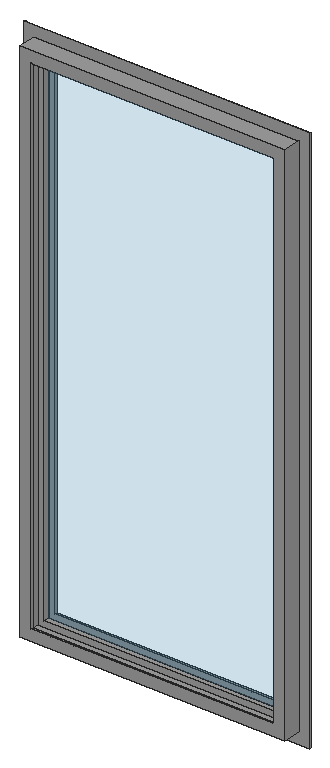
Revit family "Window_TypeC", category Windows, host Wall, Revit 2019
Family settings
  Host = Wall
  OmniClass Number = 23.30.20.00
  OmniClass Title = Windows
  Always vertical = Yes
  Cut with Voids When Loaded = No
  Shared = No
  Room Calculation Point = No
Parameters (values of type "2'-0" x 4'-0"")
  Vent Sq. Ft. [instance] = 0
  Uo Value [instance] = 0
  SHGC = 0
  Rough Width = Width + 0' 0 1/2"  # 2' - 0 1/2"
  Rough Height = Height + 0' 0 1/2"  # 4' - 0 1/2"
  NOTES = "Stop w/Fastenes on Outside of Cell; Mount w/Stud Anchors"
  Light Sq. Ft. [instance] = 0
  JAMB STUD = ""
  JACK STUD = ""
  Height = 4' - 0"
  HEADER = ""
  GLAZING = "1/2\" Clear Polycarbonate, Single Glazed"
  Description = "16ga Hollow Metal Frame w/Welded Corners & Stud Anchors"
  Default Sill Height = 3' - 0"
  Wall Closure = By host
  Width = 2' - 0"
  COVERINGS = "None"
  Analytic Construction = "<None>"
Reference planes (in)
  plane 1 "Center (Front/Back)": y = 0
  plane 2: z = 0
  plane 3 "Center (Left/Right)": x = 0
  plane 4 "Left": x = -12
  plane 5 "Right": x = 12
  plane 6 "Sill": z = 36
  plane 7 "Top": z = 84
  plane 8 "Exterior": y = 3
  plane 9: x = -11.4375
  plane 10: x = 11.4375
  plane 11: z = 83.4375
  plane 12: z = 36.5625
  plane 13 "glass inner": y = 1.8125
  plane 14 "glass outer": y = 3.3125
  plane 15: x = 11
  plane 16: x = -11
  plane 17: x = -12.75
  plane 18: x = 12.75
  plane 19: y = 1.5
Forms (in)
  Sweep 1, solid, material "Default"
    path origin (0, 3, 0) x (-1, 0, 0) y (0, 0, 1)
      loop
        line (-12, 84) -> (-12, 36) -> (12, 36) -> (12, 84) -> (-12, 84)
    profile "Window- outer frame : Window- outer frame" origin (0, 3, 84) x (0, 0, 1) y (0, 1, 0)
      loop
        line (0, 0) -> (1, 0) -> (1, 0.0625) -> (0, 0.0625) -> (0, 1.25) -> (-1, 1.25) -> (-1, 1.0625) -> (-0.5, 1.0625) -> (-0.5, 0.3125) -> (-1, 0.3125) -> (-1, -0.1875) -> (-0.5, -0.1875) -> (-0.5, -1.4375) -> (-1, -1.4375) -> (-1, -1.625) -> (0, -1.625) -> (0, 0)
  Extrusion 2, solid
    sketch origin (0, 3.3125, 0) x (-1, 0, 0) y (0, 0, 1)
      loop
        line (-11.5, 83.5) -> (-11.5, 36.5) -> (11.5, 36.5) -> (11.5, 83.5) -> (-11.5, 83.5)
    from 0 to 0.75
Lines and regions (in)
  Opening 1
    outline origin (-60, -3, 0) x (1, 0, 0) y (0, 0, 1)
      loop
        line (48, 84) -> (48, 36) -> (72, 36) -> (72, 84) -> (48, 84)
  Masking region 1
    outline origin (0, 0, 36) x (0, -1, 0) y (1, 0, 0)
      loop
        line (-3, -12) -> (3, -12) -> (3, 12) -> (-3, 12) -> (-3, 12.75) -> (-4.25, 12.75) -> (-4.25, -12.75) -> (-3, -12.75) -> (-3, -12)
  symbolic lines, style "WindowsOpeningProjection"
    curve 1: line (12, 3, 36) -> (11, 3, 36)
    curve 2: line (11, 3, 36) -> (11, 1.5, 36)
    curve 3: line (11, 1.5, 36) -> (12, 1.5, 36)
    curve 4: line (-12, 3, 36) -> (-11, 3, 36)
    curve 5: line (-11, 3, 36) -> (-11, 1.5, 36)
    curve 6: line (-11, 1.5, 36) -> (-12, 1.5, 36)
    curve 7: line (-11, 2.25, 36) -> (11, 2.25, 36)
Text (in)
  text "EXTERIOR" at (-58.6888, 50.90694, 0), in view "Ref. Level"
  text "INTERIOR" at (-58.6888, -37.76638, 0), in view "Ref. Level"
  text "Exterior" at (0, 43.65631, 123.19604), in view "Left"
  text "Exterior" at (0, 18.29385, 125.04747), in view "Right"
Dimensions and locks (in)
  equal spacing: plane 4 "Left", plane 3 "Center (Left/Right)", plane 5 "Right"
  "Width": plane 4 "Left" to plane 5 "Right"
  "Height": plane 6 "Sill" to plane 7 "Top"
  "Default Sill Height": plane 2 to plane 6 "Sill"
  locked: plane 4 "Left" to plane 9 at 0.5625
  locked: plane 10 to plane 5 "Right" at 0.5625
  locked: plane 6 "Sill" to plane 12 at 0.5625
  locked: plane 11 to plane 7 "Top" at 0.5625
  locked: plane 8 "Exterior" to plane 13 "glass inner" at 1.1875
  locked: plane 14 "glass outer" to plane 8 "Exterior" at 0.3125
  locked: plane 4 "Left" to plane 16 at 1
  locked: plane 15 to plane 5 "Right" at 1
  plane 6 "Sill" to plane 7 "Top" = 4' - 0"
  locked: plane 17 to plane 4 "Left" at 0.75
  locked: plane 5 "Right" to plane 18 at 0.75
  locked: plane 8 "Exterior" to plane 19 at 1.5
  aligned and locked: plane 7 "Top" to Opening 1 sketch curve
  aligned and locked: plane 6 "Sill" to Opening 1 sketch curve  (x2)
  aligned and locked: plane 5 "Right" to Opening 1 sketch curve
  aligned and locked: plane 4 "Left" to Opening 1 sketch curve
  aligned and locked: level to plane 2
  aligned and locked: host wall to plane 8 "Exterior"
  aligned and locked: Extrusion 2 sketch curve to Sweep 1  (x2)
  aligned and locked: Masking region 1 sketch curve to Sweep 1
Automatic sketch dimensions
  plane 4 "Left" to Sweep 1 sketch curve = 0' - 0"
  Sweep 1 sketch curve to plane 6 "Sill" = 0' - 0"
  plane 5 "Right" to Sweep 1 sketch curve = 0' - 0"
  Sweep 1 sketch curve to plane 7 "Top" = 0' - 0"
  Extrusion 2 sketch curve to plane 10 = 0' - 0 1/16"
  Extrusion 2 sketch curve to plane 11 = 0' - 0 1/16"
  Masking region 1 sketch curve to plane 18 = 0' - 0"
  Masking region 1 sketch curve to plane 17 = 0' - 0"
  Masking region 1 sketch curve to host wall = 0' - 0"  (x2)
  host wall to Masking region 1 sketch curve = 0' - 0"
  Masking region 1 sketch curve to plane 5 "Right" = 0' - 0"
  Masking region 1 sketch curve to plane 4 "Left" = 0' - 0"
  curve 1 to host wall = 0' - 0"
  curve 5 to host wall = 0' - 0"
  curve 6 to plane 19 = 0' - 0"
  curve 3 to plane 19 = 0' - 0"
  curve 7 to plane 16 = 0' - 0"
  curve 7 to plane 15 = 0' - 0"
  curve 4 to plane 4 "Left" = 0' - 0"
  curve 6 to plane 4 "Left" = 0' - 0"
  curve 1 to plane 5 "Right" = 0' - 0"
  curve 3 to plane 5 "Right" = 0' - 0"
  plane 13 "glass inner" to curve 7 = 0' - 0 7/16"
